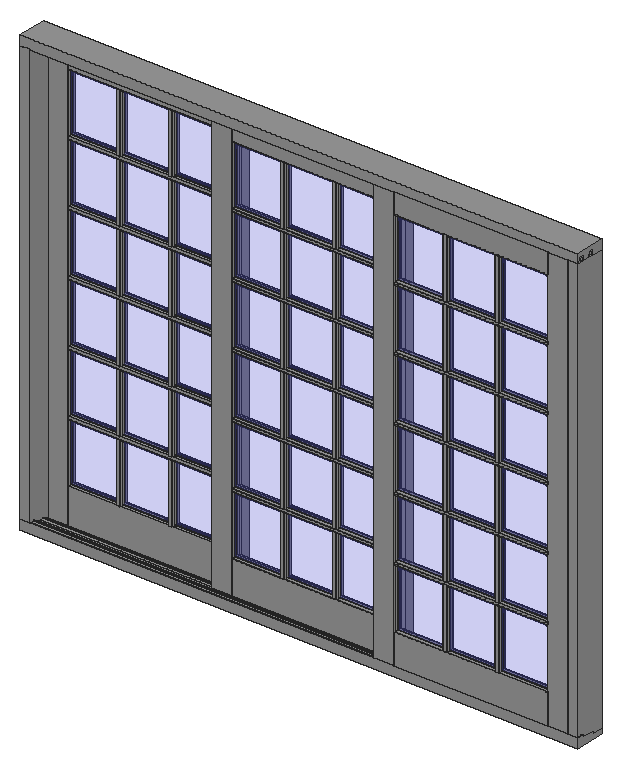
Revit family "VSD2.6SPTS LH", category Doors, host Wall, Revit 2015
Parameters (values of type "VSD2.6SPTS LH")
  Function = Interior
  Frame Projection Ext. = 25 mm
  Frame Projection Int. = 25 mm
  Frame Width = 75 mm
  Height = 2100 mm
  Wall Closure = By host
  Width = 2640 mm
Reference planes
  plane 1: y = 0
  plane 2 "Center (Left/Right)": x = 0
  plane 3 "Left": x = -1320
  plane 4 "Right": x = 1320
  plane 5: z = 2100
  plane 6 "Exterior": y = 75
  plane 7 "Interior": y = -75
  plane 8: x = 1275
  plane 9: x = 1170
  plane 10: x = -1275
  plane 11: x = -1170
  plane 12: x = 460
  plane 13: x = 355
  plane 14: x = -460
  plane 15: x = -355
  plane 16: x = -355
  plane 17: x = -460
  plane 18: x = -2905
  plane 19: x = -2800
  plane 20: x = -1170
  plane 21: x = -1275
  plane 22: x = -2090
  plane 23: x = -1985
  plane 24: x = 460
  plane 25: x = 355
  plane 26: x = -2090
  plane 27: x = -1985
  plane 28: x = -355
  plane 29: x = -460
  plane 30: x = -1275
  plane 31: x = -1170
Forms (mm)
  Extrusion 1, solid, material "Lauan, Meranti"
    sketch origin (0, 79.18, -119.746) x (0, 1, 0) y (0, 0, -1)
      loop
        line (-149.18, -119.746) -> (-149.18, -164.746) -> (-141.18, -164.746) -> (-141.18, -163.746) -> (-117.18, -163.746) -> (-117.18, -152.746) -> (-85.18, -152.746) -> (-85.18, -151.746) -> (-61.18, -151.746) -> (-61.18, -140.746) -> (-9.18, -140.746) -> (-9.18, -119.746) -> (-149.18, -119.746)
    from -1320 to 1320
  Extrusion 2, solid, material "Lauan, Meranti"
    sketch origin (0, 0, 0) x (0, 1, 0) y (0, 0, -1)
      loop
        line (70, -2100) -> (70, -2055) -> (17, -2055) -> (17, -2075) -> (-5, -2075) -> (-5, -2055) -> (-39, -2055) -> (-39, -2075) -> (-61, -2075) -> (-61, -2055) -> (-70, -2055) -> (-70, -2100) -> (70, -2100)
    from -1320 to 1320
  Extrusion 3, solid, material "Lauan, Meranti"
    sketch origin (0, 0, 0) x (-1, 0, 0) y (0, -1, 0)
      loop
        line (-1320, -70) -> (-1277, -70) -> (-1277, -50) -> (-1275, -50) -> (-1275, 70) -> (-1320, 70) -> (-1320, -70)
      loop
        line (1320, -70) -> (1320, 70) -> (1275, 70) -> (1275, -50) -> (1277, -50) -> (1277, -70) -> (1320, -70)
    from 45 to 2055
  Extrusion 4, solid, material "Lauan, Meranti"
    sketch origin (0, 0, 0) x (-1, 0, 0) y (0, -1, 0)
      loop
        line (-1275, -50) -> (-1275, 38) -> (-1320, 38) -> (-1320, -70) -> (-1277, -70) -> (-1277, -50) -> (-1275, -50)
      loop
        line (1275, -50) -> (1277, -50) -> (1277, -70) -> (1320, -70) -> (1320, 38) -> (1275, 38) -> (1275, -50)
    from 33 to 45
  Extrusion 5, solid, material "Steel, Chrome Plated"
    sketch origin (0, 0, 0) x (0, 1, 0) y (0, 0, -1)
      loop
        line (-38, -45) -> (-38, -44) -> (-62, -44) -> (-62, -45) -> (-51, -45) -> (-51, -46.882)
        arc (-51, -46.882) -> (-50, -49.5) -> (-49, -46.882) r 1.5
        line (-49, -46.882) -> (-49, -45) -> (-38, -45)
    from -1320 to 1320
  Extrusion 6, solid, material "Lauan, Meranti"
    sketch origin (0, 0, 0) x (-1, 0, 0) y (0, -1, 0)
      loop
        line (-1320, -70) -> (-1277, -70) -> (-1277, -50) -> (-1275, -50) -> (-1275, -18) -> (-1320, -18) -> (-1320, -70)
      loop
        line (1320, -70) -> (1320, -18) -> (1275, -18) -> (1275, -50) -> (1277, -50) -> (1277, -70) -> (1320, -70)
    from 21 to 33
  Extrusion 7, solid, material "Steel, Chrome Plated"
    sketch origin (0, 56, -12) x (0, 1, 0) y (0, 0, -1)
      loop
        line (-38, -45) -> (-38, -44) -> (-62, -44) -> (-62, -45) -> (-51, -45) -> (-51, -46.882)
        arc (-51, -46.882) -> (-50, -49.5) -> (-49, -46.882) r 1.5
        line (-49, -46.882) -> (-49, -45) -> (-38, -45)
    from -460 to 1320
  Extrusion 8, solid, material "Lauan, Meranti"
    sketch origin (0, 0, 0) x (-1, 0, 0) y (0, -1, 0)
      loop
        line (-1179, 70) -> (-1275, 70) -> (-1275, 30) -> (-1179, 30) -> (-1179, 60) -> (-1170, 60) -> (-1170, 62) -> (-1172, 62)
        arc (-1172, 62) -> (-1174.265, 66.44) -> (-1179, 68) r 6.549
        line (-1179, 68) -> (-1179, 70)
      loop
        line (-451, 70) -> (-451, 68)
        arc (-451, 68) -> (-455.735, 66.44) -> (-458, 62) r 6.549
        line (-458, 62) -> (-460, 62) -> (-460, 60) -> (-451, 60) -> (-451, 30) -> (-355, 30) -> (-355, 70) -> (-451, 70)
    from 45 to 2055
  Extrusion 9, solid, material "Lauan, Meranti"
    sketch origin (-1630, 104, 0) x (-1, 0, 0) y (0, -1, 0)
      loop
        line (-1179, 70) -> (-1275, 70) -> (-1275, 30) -> (-1179, 30) -> (-1179, 60) -> (-1170, 60) -> (-1170, 62) -> (-1172, 62)
        arc (-1172, 62) -> (-1174.265, 66.44) -> (-1179, 68) r 6.549
        line (-1179, 68) -> (-1179, 70)
      loop
        line (-451, 70) -> (-451, 68)
        arc (-451, 68) -> (-455.735, 66.44) -> (-458, 62) r 6.549
        line (-458, 62) -> (-460, 62) -> (-460, 60) -> (-451, 60) -> (-451, 30) -> (-355, 30) -> (-355, 70) -> (-451, 70)
    from 21 to 2055
  Extrusion 10, solid, material "Lauan, Meranti"
    sketch origin (-815, 56, 0) x (-1, 0, 0) y (0, -1, 0)
      loop
        line (-1179, 70) -> (-1275, 70) -> (-1275, 30) -> (-1179, 30) -> (-1179, 60) -> (-1170, 60) -> (-1170, 62) -> (-1172, 62)
        arc (-1172, 62) -> (-1174.265, 66.44) -> (-1179, 68) r 6.549
        line (-1179, 68) -> (-1179, 70)
      loop
        line (-451, 70) -> (-451, 68)
        arc (-451, 68) -> (-455.735, 66.44) -> (-458, 62) r 6.549
        line (-458, 62) -> (-460, 62) -> (-460, 60) -> (-451, 60) -> (-451, 30) -> (-355, 30) -> (-355, 70) -> (-451, 70)
    from 33 to 2055
  Extrusion 11, solid, material "Steel, Chrome Plated"
    sketch origin (0, 0, 0) x (0, 1, 0) y (0, 0, -1)
      loop
        line (16.5, -2075) -> (16.5, -2055) -> (14.3, -2055) -> (14.3, -2072.8) -> (-2.3, -2072.8) -> (-2.3, -2055) -> (-4.5, -2055) -> (-4.5, -2075) -> (16.5, -2075)
    from -1320 to 1320
  Extrusion 12, solid, material "Steel, Chrome Plated"
    sketch origin (0, -56, 0) x (0, 1, 0) y (0, 0, -1)
      loop
        line (16.5, -2075) -> (16.5, -2055) -> (14.3, -2055) -> (14.3, -2072.8) -> (-2.3, -2072.8) -> (-2.3, -2055) -> (-4.5, -2055) -> (-4.5, -2075) -> (16.5, -2075)
    from -1320 to 1320
  Extrusion 13, solid, material "Lauan, Meranti"
    sketch origin (-1430, 49.5, 0) x (0, 1, 0) y (0, 0, -1)
      loop
        line (-15.5, -190) -> (-13.5, -190)
        arc (-13.5, -190) -> (-11.866, -194.67) -> (-7.5, -197) r 6.807
        line (-7.5, -197) -> (-7.5, -199) -> (-5.5, -199) -> (-5.5, -190) -> (24.5, -190) -> (24.5, -21) -> (-15.5, -21) -> (-15.5, -190)
      loop
        arc (-7.5, -1952) -> (-11.866, -1954.33) -> (-13.5, -1959) r 6.807
        line (-13.5, -1959) -> (-15.5, -1959) -> (-15.5, -2055) -> (24.5, -2055) -> (24.5, -1959) -> (-5.5, -1959) -> (-5.5, -1950) -> (-7.5, -1950) -> (-7.5, -1952)
      loop
        line (-15.5, -1675) -> (-13.5, -1675)
        arc (-13.5, -1675) -> (-11.866, -1679.67) -> (-7.5, -1682) r 6.807
        line (-7.5, -1682) -> (-7.5, -1684) -> (-5.5, -1684) -> (-5.5, -1675) -> (24.5, -1675) -> (24.5, -1662) -> (-5.5, -1662) -> (-5.5, -1653) -> (-7.5, -1653) -> (-7.5, -1655)
        arc (-7.5, -1655) -> (-11.866, -1657.33) -> (-13.5, -1662) r 6.807
        line (-13.5, -1662) -> (-15.5, -1662) -> (-15.5, -1675)
      loop
        line (-15.5, -1378) -> (-13.5, -1378)
        arc (-13.5, -1378) -> (-11.866, -1382.67) -> (-7.5, -1385) r 6.807
        line (-7.5, -1385) -> (-7.5, -1387) -> (-5.5, -1387) -> (-5.5, -1378) -> (24.5, -1378) -> (24.5, -1365) -> (-5.5, -1365) -> (-5.5, -1356) -> (-7.5, -1356) -> (-7.5, -1358)
        arc (-7.5, -1358) -> (-11.866, -1360.33) -> (-13.5, -1365) r 6.807
        line (-13.5, -1365) -> (-15.5, -1365) -> (-15.5, -1378)
      loop
        line (-15.5, -1081) -> (-13.5, -1081)
        arc (-13.5, -1081) -> (-11.866, -1085.67) -> (-7.5, -1088) r 6.807
        line (-7.5, -1088) -> (-7.5, -1090) -> (-5.5, -1090) -> (-5.5, -1081) -> (24.5, -1081) -> (24.5, -1068) -> (-5.5, -1068) -> (-5.5, -1059) -> (-7.5, -1059) -> (-7.5, -1061)
        arc (-7.5, -1061) -> (-11.866, -1063.33) -> (-13.5, -1068) r 6.807
        line (-13.5, -1068) -> (-15.5, -1068) -> (-15.5, -1081)
      loop
        line (-15.5, -784) -> (-13.5, -784)
        arc (-13.5, -784) -> (-11.866, -788.67) -> (-7.5, -791) r 6.807
        line (-7.5, -791) -> (-7.5, -793) -> (-5.5, -793) -> (-5.5, -784) -> (24.5, -784) -> (24.5, -771) -> (-5.5, -771) -> (-5.5, -762) -> (-7.5, -762) -> (-7.5, -764)
        arc (-7.5, -764) -> (-11.866, -766.33) -> (-13.5, -771) r 6.807
        line (-13.5, -771) -> (-15.5, -771) -> (-15.5, -784)
      loop
        line (-15.5, -487) -> (-13.5, -487)
        arc (-13.5, -487) -> (-11.866, -491.67) -> (-7.5, -494) r 6.807
        line (-7.5, -494) -> (-7.5, -496) -> (-5.5, -496) -> (-5.5, -487) -> (24.5, -487) -> (24.5, -474) -> (-5.5, -474) -> (-5.5, -465) -> (-7.5, -465) -> (-7.5, -467)
        arc (-7.5, -467) -> (-11.866, -469.33) -> (-13.5, -474) r 6.807
        line (-13.5, -474) -> (-15.5, -474) -> (-15.5, -487)
    from -979 to -251
  Sweep 14, solid, material "Lauan, Meranti"
    path origin (-665.605, -72, -781.763) x (-1, 0, 0) y (0, 0, -1)
      loop
        line (279.395, -2740.763) -> (513.395, -2740.763) -> (513.395, -2456.763) -> (279.395, -2456.763) -> (279.395, -2740.763)
    profile origin (-1062, -72, 1959) x (0, 0, -1) y (0, -1, 0)
      loop
        line (9, -124.5) -> (0, -124.5) -> (0, -132.5)
        arc (0, -132.5) -> (4.67, -130.866) -> (7, -126.5) r 6.807
        line (7, -126.5) -> (9, -126.5) -> (9, -124.5)
  Extrusion 15, solid, material "Glass"
    sketch origin (-938.125, -61.05, -73.649) x (-1, 0, 0) y (0, 0, -1)
      loop
        line (240.875, -2032.649) -> (240.875, -1748.649) -> (6.875, -1748.649) -> (6.875, -2032.649) -> (240.875, -2032.649)
      loop
        line (-6.125, -2032.649) -> (-6.125, -1748.649) -> (-240.125, -1748.649) -> (-240.125, -2032.649) -> (-6.125, -2032.649)
      loop
        line (-253.125, -2032.649) -> (-253.125, -1748.649) -> (-487.125, -1748.649) -> (-487.125, -2032.649) -> (-253.125, -2032.649)
      loop
        line (240.875, -1735.649) -> (240.875, -1451.661) -> (6.885, -1451.661) -> (6.885, -1735.649) -> (240.875, -1735.649)
      loop
        line (-6.125, -1735.649) -> (-6.125, -1451.661) -> (-240.115, -1451.661) -> (-240.115, -1735.649) -> (-6.125, -1735.649)
      loop
        line (-253.125, -1735.649) -> (-253.125, -1451.661) -> (-487.115, -1451.661) -> (-487.115, -1735.649) -> (-253.125, -1735.649)
      loop
        line (240.875, -1438.649) -> (240.875, -1154.649) -> (6.875, -1154.649) -> (6.875, -1438.649) -> (240.875, -1438.649)
      loop
        line (-6.125, -1438.649) -> (-6.125, -1154.649) -> (-240.125, -1154.649) -> (-240.125, -1438.649) -> (-6.125, -1438.649)
      loop
        line (-253.125, -1438.649) -> (-253.125, -1154.649) -> (-487.125, -1154.649) -> (-487.125, -1438.649) -> (-253.125, -1438.649)
      loop
        line (240.875, -1141.649) -> (240.875, -857.661) -> (6.885, -857.661) -> (6.885, -1141.649) -> (240.875, -1141.649)
      loop
        line (-6.125, -1141.649) -> (-6.125, -857.661) -> (-240.115, -857.661) -> (-240.115, -1141.649) -> (-6.125, -1141.649)
      loop
        line (-253.125, -1141.649) -> (-253.125, -857.661) -> (-487.115, -857.661) -> (-487.115, -1141.649) -> (-253.125, -1141.649)
      loop
        line (240.875, -844.649) -> (240.875, -560.649) -> (6.875, -560.649) -> (6.875, -844.649) -> (240.875, -844.649)
      loop
        line (-6.125, -844.649) -> (-6.125, -560.649) -> (-240.125, -560.649) -> (-240.125, -844.649) -> (-6.125, -844.649)
      loop
        line (-253.125, -844.649) -> (-253.125, -560.649) -> (-487.125, -560.649) -> (-487.125, -844.649) -> (-253.125, -844.649)
      loop
        line (240.875, -547.649) -> (240.875, -263.661) -> (6.885, -263.661) -> (6.885, -547.649) -> (240.875, -547.649)
      loop
        line (-6.125, -547.649) -> (-6.125, -263.661) -> (-240.115, -263.661) -> (-240.115, -547.649) -> (-6.125, -547.649)
      loop
        line (-253.125, -547.649) -> (-253.125, -263.661) -> (-487.115, -263.661) -> (-487.115, -547.649) -> (-253.125, -547.649)
    from -112.5 to -106.1
  Extrusion 16, solid, material "Lauan, Meranti"
    sketch origin (-410, 3, 0) x (-1, 0, 0) y (0, -1, 0)
      loop
        line (522, -31) -> (522, -33)
        arc (522, -33) -> (517.33, -34.634) -> (515, -39) r 6.807
        line (515, -39) -> (513, -39) -> (513, -41) -> (522, -41) -> (522, -71) -> (535, -71) -> (535, -41) -> (544, -41) -> (544, -39) -> (542, -39)
        arc (542, -39) -> (539.67, -34.634) -> (535, -33) r 6.807
        line (535, -33) -> (535, -31) -> (522, -31)
      loop
        line (275, -31) -> (275, -33)
        arc (275, -33) -> (270.33, -34.634) -> (268, -39) r 6.807
        line (268, -39) -> (266, -39) -> (266, -41) -> (275, -41) -> (275, -71) -> (288, -71) -> (288, -41) -> (297, -41) -> (297, -39) -> (295, -39)
        arc (295, -39) -> (292.67, -34.634) -> (288, -33) r 6.807
        line (288, -33) -> (288, -31) -> (275, -31)
    from 1675 to 1959
  Sweep 17, solid, material "Lauan, Meranti"
    path origin (-418.605, -72, -781.763) x (-1, 0, 0) y (0, 0, -1)
      loop
        line (279.395, -2740.763) -> (513.395, -2740.763) -> (513.395, -2456.763) -> (279.395, -2456.763) -> (279.395, -2740.763)
    profile origin (-815, -72, 1959) x (0, 0, -1) y (0, -1, 0)
      loop
        line (9, -124.5) -> (0, -124.5) -> (0, -132.5)
        arc (0, -132.5) -> (4.67, -130.866) -> (7, -126.5) r 6.807
        line (7, -126.5) -> (9, -126.5) -> (9, -124.5)
  Sweep 18, solid, material "Lauan, Meranti"
    path origin (-171.605, -72, -781.763) x (-1, 0, 0) y (0, 0, -1)
      loop
        line (279.395, -2740.763) -> (513.395, -2740.763) -> (513.395, -2456.763) -> (279.395, -2456.763) -> (279.395, -2740.763)
    profile origin (-568, -72, 1959) x (0, 0, -1) y (0, -1, 0)
      loop
        line (9, -124.5) -> (0, -124.5) -> (0, -132.5)
        arc (0, -132.5) -> (4.67, -130.866) -> (7, -126.5) r 6.807
        line (7, -126.5) -> (9, -126.5) -> (9, -124.5)
  Sweep 19, solid, material "Lauan, Meranti"
    path origin (-665.605, -72, -1078.763) x (-1, 0, 0) y (0, 0, -1)
      loop
        line (279.395, -2740.763) -> (513.395, -2740.763) -> (513.395, -2456.763) -> (279.395, -2456.763) -> (279.395, -2740.763)
    profile origin (-1062, -72, 1662) x (0, 0, -1) y (0, -1, 0)
      loop
        line (9, -124.5) -> (0, -124.5) -> (0, -132.5)
        arc (0, -132.5) -> (4.67, -130.866) -> (7, -126.5) r 6.807
        line (7, -126.5) -> (9, -126.5) -> (9, -124.5)
  Extrusion 20, solid, material "Lauan, Meranti"
    sketch origin (-410, 3, -297) x (-1, 0, 0) y (0, -1, 0)
      loop
        line (522, -31) -> (522, -33)
        arc (522, -33) -> (517.33, -34.634) -> (515, -39) r 6.807
        line (515, -39) -> (513, -39) -> (513, -41) -> (522, -41) -> (522, -71) -> (535, -71) -> (535, -41) -> (544, -41) -> (544, -39) -> (542, -39)
        arc (542, -39) -> (539.67, -34.634) -> (535, -33) r 6.807
        line (535, -33) -> (535, -31) -> (522, -31)
      loop
        line (275, -31) -> (275, -33)
        arc (275, -33) -> (270.33, -34.634) -> (268, -39) r 6.807
        line (268, -39) -> (266, -39) -> (266, -41) -> (275, -41) -> (275, -71) -> (288, -71) -> (288, -41) -> (297, -41) -> (297, -39) -> (295, -39)
        arc (295, -39) -> (292.67, -34.634) -> (288, -33) r 6.807
        line (288, -33) -> (288, -31) -> (275, -31)
    from 1675 to 1959
  Sweep 21, solid, material "Lauan, Meranti"
    path origin (-418.605, -72, -1078.763) x (-1, 0, 0) y (0, 0, -1)
      loop
        line (279.395, -2740.763) -> (513.395, -2740.763) -> (513.395, -2456.763) -> (279.395, -2456.763) -> (279.395, -2740.763)
    profile origin (-815, -72, 1662) x (0, 0, -1) y (0, -1, 0)
      loop
        line (9, -124.5) -> (0, -124.5) -> (0, -132.5)
        arc (0, -132.5) -> (4.67, -130.866) -> (7, -126.5) r 6.807
        line (7, -126.5) -> (9, -126.5) -> (9, -124.5)
  Sweep 22, solid, material "Lauan, Meranti"
    path origin (-171.605, -72, -1078.763) x (-1, 0, 0) y (0, 0, -1)
      loop
        line (279.395, -2740.763) -> (513.395, -2740.763) -> (513.395, -2456.763) -> (279.395, -2456.763) -> (279.395, -2740.763)
    profile origin (-568, -72, 1662) x (0, 0, -1) y (0, -1, 0)
      loop
        line (9, -124.5) -> (0, -124.5) -> (0, -132.5)
        arc (0, -132.5) -> (4.67, -130.866) -> (7, -126.5) r 6.807
        line (7, -126.5) -> (9, -126.5) -> (9, -124.5)
  Sweep 23, solid, material "Lauan, Meranti"
    path origin (-665.605, -72, -1375.763) x (-1, 0, 0) y (0, 0, -1)
      loop
        line (279.395, -2740.763) -> (513.395, -2740.763) -> (513.395, -2456.763) -> (279.395, -2456.763) -> (279.395, -2740.763)
    profile origin (-1062, -72, 1365) x (0, 0, -1) y (0, -1, 0)
      loop
        line (9, -124.5) -> (0, -124.5) -> (0, -132.5)
        arc (0, -132.5) -> (4.67, -130.866) -> (7, -126.5) r 6.807
        line (7, -126.5) -> (9, -126.5) -> (9, -124.5)
  Extrusion 24, solid, material "Lauan, Meranti"
    sketch origin (-410, 3, -594) x (-1, 0, 0) y (0, -1, 0)
      loop
        line (522, -31) -> (522, -33)
        arc (522, -33) -> (517.33, -34.634) -> (515, -39) r 6.807
        line (515, -39) -> (513, -39) -> (513, -41) -> (522, -41) -> (522, -71) -> (535, -71) -> (535, -41) -> (544, -41) -> (544, -39) -> (542, -39)
        arc (542, -39) -> (539.67, -34.634) -> (535, -33) r 6.807
        line (535, -33) -> (535, -31) -> (522, -31)
      loop
        line (275, -31) -> (275, -33)
        arc (275, -33) -> (270.33, -34.634) -> (268, -39) r 6.807
        line (268, -39) -> (266, -39) -> (266, -41) -> (275, -41) -> (275, -71) -> (288, -71) -> (288, -41) -> (297, -41) -> (297, -39) -> (295, -39)
        arc (295, -39) -> (292.67, -34.634) -> (288, -33) r 6.807
        line (288, -33) -> (288, -31) -> (275, -31)
    from 1675 to 1959
  Sweep 25, solid, material "Lauan, Meranti"
    path origin (-418.605, -72, -1375.763) x (-1, 0, 0) y (0, 0, -1)
      loop
        line (279.395, -2740.763) -> (513.395, -2740.763) -> (513.395, -2456.763) -> (279.395, -2456.763) -> (279.395, -2740.763)
    profile origin (-815, -72, 1365) x (0, 0, -1) y (0, -1, 0)
      loop
        line (9, -124.5) -> (0, -124.5) -> (0, -132.5)
        arc (0, -132.5) -> (4.67, -130.866) -> (7, -126.5) r 6.807
        line (7, -126.5) -> (9, -126.5) -> (9, -124.5)
  Sweep 26, solid, material "Lauan, Meranti"
    path origin (-171.605, -72, -1375.763) x (-1, 0, 0) y (0, 0, -1)
      loop
        line (279.395, -2740.763) -> (513.395, -2740.763) -> (513.395, -2456.763) -> (279.395, -2456.763) -> (279.395, -2740.763)
    profile origin (-568, -72, 1365) x (0, 0, -1) y (0, -1, 0)
      loop
        line (9, -124.5) -> (0, -124.5) -> (0, -132.5)
        arc (0, -132.5) -> (4.67, -130.866) -> (7, -126.5) r 6.807
        line (7, -126.5) -> (9, -126.5) -> (9, -124.5)
  Sweep 27, solid, material "Lauan, Meranti"
    path origin (-665.605, -72, -1672.763) x (-1, 0, 0) y (0, 0, -1)
      loop
        line (279.395, -2740.763) -> (513.395, -2740.763) -> (513.395, -2456.763) -> (279.395, -2456.763) -> (279.395, -2740.763)
    profile origin (-1062, -72, 1068) x (0, 0, -1) y (0, -1, 0)
      loop
        line (9, -124.5) -> (0, -124.5) -> (0, -132.5)
        arc (0, -132.5) -> (4.67, -130.866) -> (7, -126.5) r 6.807
        line (7, -126.5) -> (9, -126.5) -> (9, -124.5)
  Extrusion 28, solid, material "Lauan, Meranti"
    sketch origin (-410, 3, -891) x (-1, 0, 0) y (0, -1, 0)
      loop
        line (522, -31) -> (522, -33)
        arc (522, -33) -> (517.33, -34.634) -> (515, -39) r 6.807
        line (515, -39) -> (513, -39) -> (513, -41) -> (522, -41) -> (522, -71) -> (535, -71) -> (535, -41) -> (544, -41) -> (544, -39) -> (542, -39)
        arc (542, -39) -> (539.67, -34.634) -> (535, -33) r 6.807
        line (535, -33) -> (535, -31) -> (522, -31)
      loop
        line (275, -31) -> (275, -33)
        arc (275, -33) -> (270.33, -34.634) -> (268, -39) r 6.807
        line (268, -39) -> (266, -39) -> (266, -41) -> (275, -41) -> (275, -71) -> (288, -71) -> (288, -41) -> (297, -41) -> (297, -39) -> (295, -39)
        arc (295, -39) -> (292.67, -34.634) -> (288, -33) r 6.807
        line (288, -33) -> (288, -31) -> (275, -31)
    from 1675 to 1959
  Sweep 29, solid, material "Lauan, Meranti"
    path origin (-418.605, -72, -1672.763) x (-1, 0, 0) y (0, 0, -1)
      loop
        line (279.395, -2740.763) -> (513.395, -2740.763) -> (513.395, -2456.763) -> (279.395, -2456.763) -> (279.395, -2740.763)
    profile origin (-815, -72, 1068) x (0, 0, -1) y (0, -1, 0)
      loop
        line (9, -124.5) -> (0, -124.5) -> (0, -132.5)
        arc (0, -132.5) -> (4.67, -130.866) -> (7, -126.5) r 6.807
        line (7, -126.5) -> (9, -126.5) -> (9, -124.5)
  Sweep 30, solid, material "Lauan, Meranti"
    path origin (-171.605, -72, -1672.763) x (-1, 0, 0) y (0, 0, -1)
      loop
        line (279.395, -2740.763) -> (513.395, -2740.763) -> (513.395, -2456.763) -> (279.395, -2456.763) -> (279.395, -2740.763)
    profile origin (-568, -72, 1068) x (0, 0, -1) y (0, -1, 0)
      loop
        line (9, -124.5) -> (0, -124.5) -> (0, -132.5)
        arc (0, -132.5) -> (4.67, -130.866) -> (7, -126.5) r 6.807
        line (7, -126.5) -> (9, -126.5) -> (9, -124.5)
  Sweep 31, solid, material "Lauan, Meranti"
    path origin (-665.605, -72, -1969.763) x (-1, 0, 0) y (0, 0, -1)
      loop
        line (279.395, -2740.763) -> (513.395, -2740.763) -> (513.395, -2456.763) -> (279.395, -2456.763) -> (279.395, -2740.763)
    profile origin (-1062, -72, 771) x (0, 0, -1) y (0, -1, 0)
      loop
        line (9, -124.5) -> (0, -124.5) -> (0, -132.5)
        arc (0, -132.5) -> (4.67, -130.866) -> (7, -126.5) r 6.807
        line (7, -126.5) -> (9, -126.5) -> (9, -124.5)
  Extrusion 32, solid, material "Lauan, Meranti"
    sketch origin (-410, 3, -1188) x (-1, 0, 0) y (0, -1, 0)
      loop
        line (522, -31) -> (522, -33)
        arc (522, -33) -> (517.33, -34.634) -> (515, -39) r 6.807
        line (515, -39) -> (513, -39) -> (513, -41) -> (522, -41) -> (522, -71) -> (535, -71) -> (535, -41) -> (544, -41) -> (544, -39) -> (542, -39)
        arc (542, -39) -> (539.67, -34.634) -> (535, -33) r 6.807
        line (535, -33) -> (535, -31) -> (522, -31)
      loop
        line (275, -31) -> (275, -33)
        arc (275, -33) -> (270.33, -34.634) -> (268, -39) r 6.807
        line (268, -39) -> (266, -39) -> (266, -41) -> (275, -41) -> (275, -71) -> (288, -71) -> (288, -41) -> (297, -41) -> (297, -39) -> (295, -39)
        arc (295, -39) -> (292.67, -34.634) -> (288, -33) r 6.807
        line (288, -33) -> (288, -31) -> (275, -31)
    from 1675 to 1959
  Sweep 33, solid, material "Lauan, Meranti"
    path origin (-418.605, -72, -1969.763) x (-1, 0, 0) y (0, 0, -1)
      loop
        line (279.395, -2740.763) -> (513.395, -2740.763) -> (513.395, -2456.763) -> (279.395, -2456.763) -> (279.395, -2740.763)
    profile origin (-815, -72, 771) x (0, 0, -1) y (0, -1, 0)
      loop
        line (9, -124.5) -> (0, -124.5) -> (0, -132.5)
        arc (0, -132.5) -> (4.67, -130.866) -> (7, -126.5) r 6.807
        line (7, -126.5) -> (9, -126.5) -> (9, -124.5)
  Sweep 34, solid, material "Lauan, Meranti"
    path origin (-171.605, -72, -1969.763) x (-1, 0, 0) y (0, 0, -1)
      loop
        line (279.395, -2740.763) -> (513.395, -2740.763) -> (513.395, -2456.763) -> (279.395, -2456.763) -> (279.395, -2740.763)
    profile origin (-568, -72, 771) x (0, 0, -1) y (0, -1, 0)
      loop
        line (9, -124.5) -> (0, -124.5) -> (0, -132.5)
        arc (0, -132.5) -> (4.67, -130.866) -> (7, -126.5) r 6.807
        line (7, -126.5) -> (9, -126.5) -> (9, -124.5)
  Sweep 35, solid, material "Lauan, Meranti"
    path origin (-665.605, -72, -2266.763) x (-1, 0, 0) y (0, 0, -1)
      loop
        line (279.395, -2740.763) -> (513.395, -2740.763) -> (513.395, -2456.763) -> (279.395, -2456.763) -> (279.395, -2740.763)
    profile origin (-1062, -72, 474) x (0, 0, -1) y (0, -1, 0)
      loop
        line (9, -124.5) -> (0, -124.5) -> (0, -132.5)
        arc (0, -132.5) -> (4.67, -130.866) -> (7, -126.5) r 6.807
        line (7, -126.5) -> (9, -126.5) -> (9, -124.5)
  Extrusion 36, solid, material "Lauan, Meranti"
    sketch origin (-410, 3, -1485) x (-1, 0, 0) y (0, -1, 0)
      loop
        line (522, -31) -> (522, -33)
        arc (522, -33) -> (517.33, -34.634) -> (515, -39) r 6.807
        line (515, -39) -> (513, -39) -> (513, -41) -> (522, -41) -> (522, -71) -> (535, -71) -> (535, -41) -> (544, -41) -> (544, -39) -> (542, -39)
        arc (542, -39) -> (539.67, -34.634) -> (535, -33) r 6.807
        line (535, -33) -> (535, -31) -> (522, -31)
      loop
        line (275, -31) -> (275, -33)
        arc (275, -33) -> (270.33, -34.634) -> (268, -39) r 6.807
        line (268, -39) -> (266, -39) -> (266, -41) -> (275, -41) -> (275, -71) -> (288, -71) -> (288, -41) -> (297, -41) -> (297, -39) -> (295, -39)
        arc (295, -39) -> (292.67, -34.634) -> (288, -33) r 6.807
        line (288, -33) -> (288, -31) -> (275, -31)
    from 1675 to 1959
  Sweep 37, solid, material "Lauan, Meranti"
    path origin (-418.605, -72, -2266.763) x (-1, 0, 0) y (0, 0, -1)
      loop
        line (279.395, -2740.763) -> (513.395, -2740.763) -> (513.395, -2456.763) -> (279.395, -2456.763) -> (279.395, -2740.763)
    profile origin (-815, -72, 474) x (0, 0, -1) y (0, -1, 0)
      loop
        line (9, -124.5) -> (0, -124.5) -> (0, -132.5)
        arc (0, -132.5) -> (4.67, -130.866) -> (7, -126.5) r 6.807
        line (7, -126.5) -> (9, -126.5) -> (9, -124.5)
  Sweep 38, solid, material "Lauan, Meranti"
    path origin (-171.605, -72, -2266.763) x (-1, 0, 0) y (0, 0, -1)
      loop
        line (279.395, -2740.763) -> (513.395, -2740.763) -> (513.395, -2456.763) -> (279.395, -2456.763) -> (279.395, -2740.763)
    profile origin (-568, -72, 474) x (0, 0, -1) y (0, -1, 0)
      loop
        line (9, -124.5) -> (0, -124.5) -> (0, -132.5)
        arc (0, -132.5) -> (4.67, -130.866) -> (7, -126.5) r 6.807
        line (7, -126.5) -> (9, -126.5) -> (9, -124.5)
  Extrusion 39, solid, material "Lauan, Meranti"
    sketch origin (200, -54.5, 0) x (0, 1, 0) y (0, 0, -1)
      loop
        line (-15.5, -190) -> (-13.5, -190)
        arc (-13.5, -190) -> (-11.866, -194.67) -> (-7.5, -197) r 6.807
        line (-7.5, -197) -> (-7.5, -199) -> (-5.5, -199) -> (-5.5, -190) -> (24.5, -190) -> (24.5, -45) -> (-15.5, -45) -> (-15.5, -190)
      loop
        arc (-7.5, -1952) -> (-11.866, -1954.33) -> (-13.5, -1959) r 6.807
        line (-13.5, -1959) -> (-15.5, -1959) -> (-15.5, -2055) -> (24.5, -2055) -> (24.5, -1959) -> (-5.5, -1959) -> (-5.5, -1950) -> (-7.5, -1950) -> (-7.5, -1952)
      loop
        line (-15.5, -1675) -> (-13.5, -1675)
        arc (-13.5, -1675) -> (-11.866, -1679.67) -> (-7.5, -1682) r 6.807
        line (-7.5, -1682) -> (-7.5, -1684) -> (-5.5, -1684) -> (-5.5, -1675) -> (24.5, -1675) -> (24.5, -1662) -> (-5.5, -1662) -> (-5.5, -1653) -> (-7.5, -1653) -> (-7.5, -1655)
        arc (-7.5, -1655) -> (-11.866, -1657.33) -> (-13.5, -1662) r 6.807
        line (-13.5, -1662) -> (-15.5, -1662) -> (-15.5, -1675)
      loop
        line (-15.5, -1378) -> (-13.5, -1378)
        arc (-13.5, -1378) -> (-11.866, -1382.67) -> (-7.5, -1385) r 6.807
        line (-7.5, -1385) -> (-7.5, -1387) -> (-5.5, -1387) -> (-5.5, -1378) -> (24.5, -1378) -> (24.5, -1365) -> (-5.5, -1365) -> (-5.5, -1356) -> (-7.5, -1356) -> (-7.5, -1358)
        arc (-7.5, -1358) -> (-11.866, -1360.33) -> (-13.5, -1365) r 6.807
        line (-13.5, -1365) -> (-15.5, -1365) -> (-15.5, -1378)
      loop
        line (-15.5, -1081) -> (-13.5, -1081)
        arc (-13.5, -1081) -> (-11.866, -1085.67) -> (-7.5, -1088) r 6.807
        line (-7.5, -1088) -> (-7.5, -1090) -> (-5.5, -1090) -> (-5.5, -1081) -> (24.5, -1081) -> (24.5, -1068) -> (-5.5, -1068) -> (-5.5, -1059) -> (-7.5, -1059) -> (-7.5, -1061)
        arc (-7.5, -1061) -> (-11.866, -1063.33) -> (-13.5, -1068) r 6.807
        line (-13.5, -1068) -> (-15.5, -1068) -> (-15.5, -1081)
      loop
        line (-15.5, -784) -> (-13.5, -784)
        arc (-13.5, -784) -> (-11.866, -788.67) -> (-7.5, -791) r 6.807
        line (-7.5, -791) -> (-7.5, -793) -> (-5.5, -793) -> (-5.5, -784) -> (24.5, -784) -> (24.5, -771) -> (-5.5, -771) -> (-5.5, -762) -> (-7.5, -762) -> (-7.5, -764)
        arc (-7.5, -764) -> (-11.866, -766.33) -> (-13.5, -771) r 6.807
        line (-13.5, -771) -> (-15.5, -771) -> (-15.5, -784)
      loop
        line (-15.5, -487) -> (-13.5, -487)
        arc (-13.5, -487) -> (-11.866, -491.67) -> (-7.5, -494) r 6.807
        line (-7.5, -494) -> (-7.5, -496) -> (-5.5, -496) -> (-5.5, -487) -> (24.5, -487) -> (24.5, -474) -> (-5.5, -474) -> (-5.5, -465) -> (-7.5, -465) -> (-7.5, -467)
        arc (-7.5, -467) -> (-11.866, -469.33) -> (-13.5, -474) r 6.807
        line (-13.5, -474) -> (-15.5, -474) -> (-15.5, -487)
    from -979 to -251
  Sweep 40, solid, material "Lauan, Meranti"
    path origin (964.395, -176, -781.763) x (-1, 0, 0) y (0, 0, -1)
      loop
        line (279.395, -2740.763) -> (513.395, -2740.763) -> (513.395, -2456.763) -> (279.395, -2456.763) -> (279.395, -2740.763)
    profile origin (568, -176, 1959) x (0, 0, -1) y (0, -1, 0)
      loop
        line (9, -124.5) -> (0, -124.5) -> (0, -132.5)
        arc (0, -132.5) -> (4.67, -130.866) -> (7, -126.5) r 6.807
        line (7, -126.5) -> (9, -126.5) -> (9, -124.5)
  Extrusion 41, solid, material "Glass"
    sketch origin (691.875, -165.05, -73.649) x (-1, 0, 0) y (0, 0, -1)
      loop
        line (240.875, -2032.649) -> (240.875, -1748.649) -> (6.875, -1748.649) -> (6.875, -2032.649) -> (240.875, -2032.649)
      loop
        line (-6.125, -2032.649) -> (-6.125, -1748.649) -> (-240.125, -1748.649) -> (-240.125, -2032.649) -> (-6.125, -2032.649)
      loop
        line (-253.125, -2032.649) -> (-253.125, -1748.649) -> (-487.125, -1748.649) -> (-487.125, -2032.649) -> (-253.125, -2032.649)
      loop
        line (240.875, -1735.649) -> (240.875, -1451.661) -> (6.885, -1451.661) -> (6.885, -1735.649) -> (240.875, -1735.649)
      loop
        line (-6.125, -1735.649) -> (-6.125, -1451.661) -> (-240.115, -1451.661) -> (-240.115, -1735.649) -> (-6.125, -1735.649)
      loop
        line (-253.125, -1735.649) -> (-253.125, -1451.661) -> (-487.115, -1451.661) -> (-487.115, -1735.649) -> (-253.125, -1735.649)
      loop
        line (240.875, -1438.649) -> (240.875, -1154.649) -> (6.875, -1154.649) -> (6.875, -1438.649) -> (240.875, -1438.649)
      loop
        line (-6.125, -1438.649) -> (-6.125, -1154.649) -> (-240.125, -1154.649) -> (-240.125, -1438.649) -> (-6.125, -1438.649)
      loop
        line (-253.125, -1438.649) -> (-253.125, -1154.649) -> (-487.125, -1154.649) -> (-487.125, -1438.649) -> (-253.125, -1438.649)
      loop
        line (240.875, -1141.649) -> (240.875, -857.661) -> (6.885, -857.661) -> (6.885, -1141.649) -> (240.875, -1141.649)
      loop
        line (-6.125, -1141.649) -> (-6.125, -857.661) -> (-240.115, -857.661) -> (-240.115, -1141.649) -> (-6.125, -1141.649)
      loop
        line (-253.125, -1141.649) -> (-253.125, -857.661) -> (-487.115, -857.661) -> (-487.115, -1141.649) -> (-253.125, -1141.649)
      loop
        line (240.875, -844.649) -> (240.875, -560.649) -> (6.875, -560.649) -> (6.875, -844.649) -> (240.875, -844.649)
      loop
        line (-6.125, -844.649) -> (-6.125, -560.649) -> (-240.125, -560.649) -> (-240.125, -844.649) -> (-6.125, -844.649)
      loop
        line (-253.125, -844.649) -> (-253.125, -560.649) -> (-487.125, -560.649) -> (-487.125, -844.649) -> (-253.125, -844.649)
      loop
        line (240.875, -547.649) -> (240.875, -263.661) -> (6.885, -263.661) -> (6.885, -547.649) -> (240.875, -547.649)
      loop
        line (-6.125, -547.649) -> (-6.125, -263.661) -> (-240.115, -263.661) -> (-240.115, -547.649) -> (-6.125, -547.649)
      loop
        line (-253.125, -547.649) -> (-253.125, -263.661) -> (-487.115, -263.661) -> (-487.115, -547.649) -> (-253.125, -547.649)
    from -112.5 to -106.1
  Extrusion 42, solid, material "Lauan, Meranti"
    sketch origin (1220, -101, 0) x (-1, 0, 0) y (0, -1, 0)
      loop
        line (522, -31) -> (522, -33)
        arc (522, -33) -> (517.33, -34.634) -> (515, -39) r 6.807
        line (515, -39) -> (513, -39) -> (513, -41) -> (522, -41) -> (522, -71) -> (535, -71) -> (535, -41) -> (544, -41) -> (544, -39) -> (542, -39)
        arc (542, -39) -> (539.67, -34.634) -> (535, -33) r 6.807
        line (535, -33) -> (535, -31) -> (522, -31)
      loop
        line (275, -31) -> (275, -33)
        arc (275, -33) -> (270.33, -34.634) -> (268, -39) r 6.807
        line (268, -39) -> (266, -39) -> (266, -41) -> (275, -41) -> (275, -71) -> (288, -71) -> (288, -41) -> (297, -41) -> (297, -39) -> (295, -39)
        arc (295, -39) -> (292.67, -34.634) -> (288, -33) r 6.807
        line (288, -33) -> (288, -31) -> (275, -31)
    from 1675 to 1959
  Sweep 43, solid, material "Lauan, Meranti"
    path origin (1211.395, -176, -781.763) x (-1, 0, 0) y (0, 0, -1)
      loop
        line (279.395, -2740.763) -> (513.395, -2740.763) -> (513.395, -2456.763) -> (279.395, -2456.763) -> (279.395, -2740.763)
    profile origin (815, -176, 1959) x (0, 0, -1) y (0, -1, 0)
      loop
        line (9, -124.5) -> (0, -124.5) -> (0, -132.5)
        arc (0, -132.5) -> (4.67, -130.866) -> (7, -126.5) r 6.807
        line (7, -126.5) -> (9, -126.5) -> (9, -124.5)
  Sweep 44, solid, material "Lauan, Meranti"
    path origin (1458.395, -176, -781.763) x (-1, 0, 0) y (0, 0, -1)
      loop
        line (279.395, -2740.763) -> (513.395, -2740.763) -> (513.395, -2456.763) -> (279.395, -2456.763) -> (279.395, -2740.763)
    profile origin (1062, -176, 1959) x (0, 0, -1) y (0, -1, 0)
      loop
        line (9, -124.5) -> (0, -124.5) -> (0, -132.5)
        arc (0, -132.5) -> (4.67, -130.866) -> (7, -126.5) r 6.807
        line (7, -126.5) -> (9, -126.5) -> (9, -124.5)
  Sweep 45, solid, material "Lauan, Meranti"
    path origin (964.395, -176, -1078.763) x (-1, 0, 0) y (0, 0, -1)
      loop
        line (279.395, -2740.763) -> (513.395, -2740.763) -> (513.395, -2456.763) -> (279.395, -2456.763) -> (279.395, -2740.763)
    profile origin (568, -176, 1662) x (0, 0, -1) y (0, -1, 0)
      loop
        line (9, -124.5) -> (0, -124.5) -> (0, -132.5)
        arc (0, -132.5) -> (4.67, -130.866) -> (7, -126.5) r 6.807
        line (7, -126.5) -> (9, -126.5) -> (9, -124.5)
  Extrusion 46, solid, material "Lauan, Meranti"
    sketch origin (1220, -101, -297) x (-1, 0, 0) y (0, -1, 0)
      loop
        line (522, -31) -> (522, -33)
        arc (522, -33) -> (517.33, -34.634) -> (515, -39) r 6.807
        line (515, -39) -> (513, -39) -> (513, -41) -> (522, -41) -> (522, -71) -> (535, -71) -> (535, -41) -> (544, -41) -> (544, -39) -> (542, -39)
        arc (542, -39) -> (539.67, -34.634) -> (535, -33) r 6.807
        line (535, -33) -> (535, -31) -> (522, -31)
      loop
        line (275, -31) -> (275, -33)
        arc (275, -33) -> (270.33, -34.634) -> (268, -39) r 6.807
        line (268, -39) -> (266, -39) -> (266, -41) -> (275, -41) -> (275, -71) -> (288, -71) -> (288, -41) -> (297, -41) -> (297, -39) -> (295, -39)
        arc (295, -39) -> (292.67, -34.634) -> (288, -33) r 6.807
        line (288, -33) -> (288, -31) -> (275, -31)
    from 1675 to 1959
  Sweep 47, solid, material "Lauan, Meranti"
    path origin (1211.395, -176, -1078.763) x (-1, 0, 0) y (0, 0, -1)
      loop
        line (279.395, -2740.763) -> (513.395, -2740.763) -> (513.395, -2456.763) -> (279.395, -2456.763) -> (279.395, -2740.763)
    profile origin (815, -176, 1662) x (0, 0, -1) y (0, -1, 0)
      loop
        line (9, -124.5) -> (0, -124.5) -> (0, -132.5)
        arc (0, -132.5) -> (4.67, -130.866) -> (7, -126.5) r 6.807
        line (7, -126.5) -> (9, -126.5) -> (9, -124.5)
  Sweep 48, solid, material "Lauan, Meranti"
    path origin (1458.395, -176, -1078.763) x (-1, 0, 0) y (0, 0, -1)
      loop
        line (279.395, -2740.763) -> (513.395, -2740.763) -> (513.395, -2456.763) -> (279.395, -2456.763) -> (279.395, -2740.763)
    profile origin (1062, -176, 1662) x (0, 0, -1) y (0, -1, 0)
      loop
        line (9, -124.5) -> (0, -124.5) -> (0, -132.5)
        arc (0, -132.5) -> (4.67, -130.866) -> (7, -126.5) r 6.807
        line (7, -126.5) -> (9, -126.5) -> (9, -124.5)
  Sweep 49, solid, material "Lauan, Meranti"
    path origin (964.395, -176, -1375.763) x (-1, 0, 0) y (0, 0, -1)
      loop
        line (279.395, -2740.763) -> (513.395, -2740.763) -> (513.395, -2456.763) -> (279.395, -2456.763) -> (279.395, -2740.763)
    profile origin (568, -176, 1365) x (0, 0, -1) y (0, -1, 0)
      loop
        line (9, -124.5) -> (0, -124.5) -> (0, -132.5)
        arc (0, -132.5) -> (4.67, -130.866) -> (7, -126.5) r 6.807
        line (7, -126.5) -> (9, -126.5) -> (9, -124.5)
  Extrusion 50, solid, material "Lauan, Meranti"
    sketch origin (1220, -101, -594) x (-1, 0, 0) y (0, -1, 0)
      loop
        line (522, -31) -> (522, -33)
        arc (522, -33) -> (517.33, -34.634) -> (515, -39) r 6.807
        line (515, -39) -> (513, -39) -> (513, -41) -> (522, -41) -> (522, -71) -> (535, -71) -> (535, -41) -> (544, -41) -> (544, -39) -> (542, -39)
        arc (542, -39) -> (539.67, -34.634) -> (535, -33) r 6.807
        line (535, -33) -> (535, -31) -> (522, -31)
      loop
        line (275, -31) -> (275, -33)
        arc (275, -33) -> (270.33, -34.634) -> (268, -39) r 6.807
        line (268, -39) -> (266, -39) -> (266, -41) -> (275, -41) -> (275, -71) -> (288, -71) -> (288, -41) -> (297, -41) -> (297, -39) -> (295, -39)
        arc (295, -39) -> (292.67, -34.634) -> (288, -33) r 6.807
        line (288, -33) -> (288, -31) -> (275, -31)
    from 1675 to 1959
  Sweep 51, solid, material "Lauan, Meranti"
    path origin (1211.395, -176, -1375.763) x (-1, 0, 0) y (0, 0, -1)
      loop
        line (279.395, -2740.763) -> (513.395, -2740.763) -> (513.395, -2456.763) -> (279.395, -2456.763) -> (279.395, -2740.763)
    profile origin (815, -176, 1365) x (0, 0, -1) y (0, -1, 0)
      loop
        line (9, -124.5) -> (0, -124.5) -> (0, -132.5)
        arc (0, -132.5) -> (4.67, -130.866) -> (7, -126.5) r 6.807
        line (7, -126.5) -> (9, -126.5) -> (9, -124.5)
  Sweep 52, solid, material "Lauan, Meranti"
    path origin (1458.395, -176, -1375.763) x (-1, 0, 0) y (0, 0, -1)
      loop
        line (279.395, -2740.763) -> (513.395, -2740.763) -> (513.395, -2456.763) -> (279.395, -2456.763) -> (279.395, -2740.763)
    profile origin (1062, -176, 1365) x (0, 0, -1) y (0, -1, 0)
      loop
        line (9, -124.5) -> (0, -124.5) -> (0, -132.5)
        arc (0, -132.5) -> (4.67, -130.866) -> (7, -126.5) r 6.807
        line (7, -126.5) -> (9, -126.5) -> (9, -124.5)
  Sweep 53, solid, material "Lauan, Meranti"
    path origin (964.395, -176, -1672.763) x (-1, 0, 0) y (0, 0, -1)
      loop
        line (279.395, -2740.763) -> (513.395, -2740.763) -> (513.395, -2456.763) -> (279.395, -2456.763) -> (279.395, -2740.763)
    profile origin (568, -176, 1068) x (0, 0, -1) y (0, -1, 0)
      loop
        line (9, -124.5) -> (0, -124.5) -> (0, -132.5)
        arc (0, -132.5) -> (4.67, -130.866) -> (7, -126.5) r 6.807
        line (7, -126.5) -> (9, -126.5) -> (9, -124.5)
  Extrusion 54, solid, material "Lauan, Meranti"
    sketch origin (1220, -101, -891) x (-1, 0, 0) y (0, -1, 0)
      loop
        line (522, -31) -> (522, -33)
        arc (522, -33) -> (517.33, -34.634) -> (515, -39) r 6.807
        line (515, -39) -> (513, -39) -> (513, -41) -> (522, -41) -> (522, -71) -> (535, -71) -> (535, -41) -> (544, -41) -> (544, -39) -> (542, -39)
        arc (542, -39) -> (539.67, -34.634) -> (535, -33) r 6.807
        line (535, -33) -> (535, -31) -> (522, -31)
      loop
        line (275, -31) -> (275, -33)
        arc (275, -33) -> (270.33, -34.634) -> (268, -39) r 6.807
        line (268, -39) -> (266, -39) -> (266, -41) -> (275, -41) -> (275, -71) -> (288, -71) -> (288, -41) -> (297, -41) -> (297, -39) -> (295, -39)
        arc (295, -39) -> (292.67, -34.634) -> (288, -33) r 6.807
        line (288, -33) -> (288, -31) -> (275, -31)
    from 1675 to 1959
  Sweep 55, solid, material "Lauan, Meranti"
    path origin (1211.395, -176, -1672.763) x (-1, 0, 0) y (0, 0, -1)
      loop
        line (279.395, -2740.763) -> (513.395, -2740.763) -> (513.395, -2456.763) -> (279.395, -2456.763) -> (279.395, -2740.763)
    profile origin (815, -176, 1068) x (0, 0, -1) y (0, -1, 0)
      loop
        line (9, -124.5) -> (0, -124.5) -> (0, -132.5)
        arc (0, -132.5) -> (4.67, -130.866) -> (7, -126.5) r 6.807
        line (7, -126.5) -> (9, -126.5) -> (9, -124.5)
  Sweep 56, solid, material "Lauan, Meranti"
    path origin (1458.395, -176, -1672.763) x (-1, 0, 0) y (0, 0, -1)
      loop
        line (279.395, -2740.763) -> (513.395, -2740.763) -> (513.395, -2456.763) -> (279.395, -2456.763) -> (279.395, -2740.763)
    profile origin (1062, -176, 1068) x (0, 0, -1) y (0, -1, 0)
      loop
        line (9, -124.5) -> (0, -124.5) -> (0, -132.5)
        arc (0, -132.5) -> (4.67, -130.866) -> (7, -126.5) r 6.807
        line (7, -126.5) -> (9, -126.5) -> (9, -124.5)
  Sweep 57, solid, material "Lauan, Meranti"
    path origin (964.395, -176, -1969.763) x (-1, 0, 0) y (0, 0, -1)
      loop
        line (279.395, -2740.763) -> (513.395, -2740.763) -> (513.395, -2456.763) -> (279.395, -2456.763) -> (279.395, -2740.763)
    profile origin (568, -176, 771) x (0, 0, -1) y (0, -1, 0)
      loop
        line (9, -124.5) -> (0, -124.5) -> (0, -132.5)
        arc (0, -132.5) -> (4.67, -130.866) -> (7, -126.5) r 6.807
        line (7, -126.5) -> (9, -126.5) -> (9, -124.5)
  Extrusion 58, solid, material "Lauan, Meranti"
    sketch origin (1220, -101, -1188) x (-1, 0, 0) y (0, -1, 0)
      loop
        line (522, -31) -> (522, -33)
        arc (522, -33) -> (517.33, -34.634) -> (515, -39) r 6.807
        line (515, -39) -> (513, -39) -> (513, -41) -> (522, -41) -> (522, -71) -> (535, -71) -> (535, -41) -> (544, -41) -> (544, -39) -> (542, -39)
        arc (542, -39) -> (539.67, -34.634) -> (535, -33) r 6.807
        line (535, -33) -> (535, -31) -> (522, -31)
      loop
        line (275, -31) -> (275, -33)
        arc (275, -33) -> (270.33, -34.634) -> (268, -39) r 6.807
        line (268, -39) -> (266, -39) -> (266, -41) -> (275, -41) -> (275, -71) -> (288, -71) -> (288, -41) -> (297, -41) -> (297, -39) -> (295, -39)
        arc (295, -39) -> (292.67, -34.634) -> (288, -33) r 6.807
        line (288, -33) -> (288, -31) -> (275, -31)
    from 1675 to 1959
  Sweep 59, solid, material "Lauan, Meranti"
    path origin (1211.395, -176, -1969.763) x (-1, 0, 0) y (0, 0, -1)
      loop
        line (279.395, -2740.763) -> (513.395, -2740.763) -> (513.395, -2456.763) -> (279.395, -2456.763) -> (279.395, -2740.763)
    profile origin (815, -176, 771) x (0, 0, -1) y (0, -1, 0)
      loop
        line (9, -124.5) -> (0, -124.5) -> (0, -132.5)
        arc (0, -132.5) -> (4.67, -130.866) -> (7, -126.5) r 6.807
        line (7, -126.5) -> (9, -126.5) -> (9, -124.5)
  Sweep 60, solid, material "Lauan, Meranti"
    path origin (1458.395, -176, -1969.763) x (-1, 0, 0) y (0, 0, -1)
      loop
        line (279.395, -2740.763) -> (513.395, -2740.763) -> (513.395, -2456.763) -> (279.395, -2456.763) -> (279.395, -2740.763)
    profile origin (1062, -176, 771) x (0, 0, -1) y (0, -1, 0)
      loop
        line (9, -124.5) -> (0, -124.5) -> (0, -132.5)
        arc (0, -132.5) -> (4.67, -130.866) -> (7, -126.5) r 6.807
        line (7, -126.5) -> (9, -126.5) -> (9, -124.5)
  Sweep 61, solid, material "Lauan, Meranti"
    path origin (964.395, -176, -2266.763) x (-1, 0, 0) y (0, 0, -1)
      loop
        line (279.395, -2740.763) -> (513.395, -2740.763) -> (513.395, -2456.763) -> (279.395, -2456.763) -> (279.395, -2740.763)
    profile origin (568, -176, 474) x (0, 0, -1) y (0, -1, 0)
      loop
        line (9, -124.5) -> (0, -124.5) -> (0, -132.5)
        arc (0, -132.5) -> (4.67, -130.866) -> (7, -126.5) r 6.807
        line (7, -126.5) -> (9, -126.5) -> (9, -124.5)
  Extrusion 62, solid, material "Lauan, Meranti"
    sketch origin (1220, -101, -1485) x (-1, 0, 0) y (0, -1, 0)
      loop
        line (522, -31) -> (522, -33)
        arc (522, -33) -> (517.33, -34.634) -> (515, -39) r 6.807
        line (515, -39) -> (513, -39) -> (513, -41) -> (522, -41) -> (522, -71) -> (535, -71) -> (535, -41) -> (544, -41) -> (544, -39) -> (542, -39)
        arc (542, -39) -> (539.67, -34.634) -> (535, -33) r 6.807
        line (535, -33) -> (535, -31) -> (522, -31)
      loop
        line (275, -31) -> (275, -33)
        arc (275, -33) -> (270.33, -34.634) -> (268, -39) r 6.807
        line (268, -39) -> (266, -39) -> (266, -41) -> (275, -41) -> (275, -71) -> (288, -71) -> (288, -41) -> (297, -41) -> (297, -39) -> (295, -39)
        arc (295, -39) -> (292.67, -34.634) -> (288, -33) r 6.807
        line (288, -33) -> (288, -31) -> (275, -31)
    from 1675 to 1959
  Sweep 63, solid, material "Lauan, Meranti"
    path origin (1211.395, -176, -2266.763) x (-1, 0, 0) y (0, 0, -1)
      loop
        line (279.395, -2740.763) -> (513.395, -2740.763) -> (513.395, -2456.763) -> (279.395, -2456.763) -> (279.395, -2740.763)
    profile origin (815, -176, 474) x (0, 0, -1) y (0, -1, 0)
      loop
        line (9, -124.5) -> (0, -124.5) -> (0, -132.5)
        arc (0, -132.5) -> (4.67, -130.866) -> (7, -126.5) r 6.807
        line (7, -126.5) -> (9, -126.5) -> (9, -124.5)
  Sweep 64, solid, material "Lauan, Meranti"
    path origin (1458.395, -176, -2266.763) x (-1, 0, 0) y (0, 0, -1)
      loop
        line (279.395, -2740.763) -> (513.395, -2740.763) -> (513.395, -2456.763) -> (279.395, -2456.763) -> (279.395, -2740.763)
    profile origin (1062, -176, 474) x (0, 0, -1) y (0, -1, 0)
      loop
        line (9, -124.5) -> (0, -124.5) -> (0, -132.5)
        arc (0, -132.5) -> (4.67, -130.866) -> (7, -126.5) r 6.807
        line (7, -126.5) -> (9, -126.5) -> (9, -124.5)
  Extrusion 65, solid, material "Lauan, Meranti"
    sketch origin (-615, 1.5, 0) x (0, 1, 0) y (0, 0, -1)
      loop
        line (-15.5, -190) -> (-13.5, -190)
        arc (-13.5, -190) -> (-11.866, -194.67) -> (-7.5, -197) r 6.807
        line (-7.5, -197) -> (-7.5, -199) -> (-5.5, -199) -> (-5.5, -190) -> (24.5, -190) -> (24.5, -33) -> (-15.5, -33) -> (-15.5, -190)
      loop
        arc (-7.5, -1952) -> (-11.866, -1954.33) -> (-13.5, -1959) r 6.807
        line (-13.5, -1959) -> (-15.5, -1959) -> (-15.5, -2055) -> (24.5, -2055) -> (24.5, -1959) -> (-5.5, -1959) -> (-5.5, -1950) -> (-7.5, -1950) -> (-7.5, -1952)
      loop
        line (-15.5, -1675) -> (-13.5, -1675)
        arc (-13.5, -1675) -> (-11.866, -1679.67) -> (-7.5, -1682) r 6.807
        line (-7.5, -1682) -> (-7.5, -1684) -> (-5.5, -1684) -> (-5.5, -1675) -> (24.5, -1675) -> (24.5, -1662) -> (-5.5, -1662) -> (-5.5, -1653) -> (-7.5, -1653) -> (-7.5, -1655)
        arc (-7.5, -1655) -> (-11.866, -1657.33) -> (-13.5, -1662) r 6.807
        line (-13.5, -1662) -> (-15.5, -1662) -> (-15.5, -1675)
      loop
        line (-15.5, -1378) -> (-13.5, -1378)
        arc (-13.5, -1378) -> (-11.866, -1382.67) -> (-7.5, -1385) r 6.807
        line (-7.5, -1385) -> (-7.5, -1387) -> (-5.5, -1387) -> (-5.5, -1378) -> (24.5, -1378) -> (24.5, -1365) -> (-5.5, -1365) -> (-5.5, -1356) -> (-7.5, -1356) -> (-7.5, -1358)
        arc (-7.5, -1358) -> (-11.866, -1360.33) -> (-13.5, -1365) r 6.807
        line (-13.5, -1365) -> (-15.5, -1365) -> (-15.5, -1378)
      loop
        line (-15.5, -1081) -> (-13.5, -1081)
        arc (-13.5, -1081) -> (-11.866, -1085.67) -> (-7.5, -1088) r 6.807
        line (-7.5, -1088) -> (-7.5, -1090) -> (-5.5, -1090) -> (-5.5, -1081) -> (24.5, -1081) -> (24.5, -1068) -> (-5.5, -1068) -> (-5.5, -1059) -> (-7.5, -1059) -> (-7.5, -1061)
        arc (-7.5, -1061) -> (-11.866, -1063.33) -> (-13.5, -1068) r 6.807
        line (-13.5, -1068) -> (-15.5, -1068) -> (-15.5, -1081)
      loop
        line (-15.5, -784) -> (-13.5, -784)
        arc (-13.5, -784) -> (-11.866, -788.67) -> (-7.5, -791) r 6.807
        line (-7.5, -791) -> (-7.5, -793) -> (-5.5, -793) -> (-5.5, -784) -> (24.5, -784) -> (24.5, -771) -> (-5.5, -771) -> (-5.5, -762) -> (-7.5, -762) -> (-7.5, -764)
        arc (-7.5, -764) -> (-11.866, -766.33) -> (-13.5, -771) r 6.807
        line (-13.5, -771) -> (-15.5, -771) -> (-15.5, -784)
      loop
        line (-15.5, -487) -> (-13.5, -487)
        arc (-13.5, -487) -> (-11.866, -491.67) -> (-7.5, -494) r 6.807
        line (-7.5, -494) -> (-7.5, -496) -> (-5.5, -496) -> (-5.5, -487) -> (24.5, -487) -> (24.5, -474) -> (-5.5, -474) -> (-5.5, -465) -> (-7.5, -465) -> (-7.5, -467)
        arc (-7.5, -467) -> (-11.866, -469.33) -> (-13.5, -474) r 6.807
        line (-13.5, -474) -> (-15.5, -474) -> (-15.5, -487)
    from -979 to -251
  Sweep 66, solid, material "Lauan, Meranti"
    path origin (149.395, -120, -781.763) x (-1, 0, 0) y (0, 0, -1)
      loop
        line (279.395, -2740.763) -> (513.395, -2740.763) -> (513.395, -2456.763) -> (279.395, -2456.763) -> (279.395, -2740.763)
    profile origin (-247, -120, 1959) x (0, 0, -1) y (0, -1, 0)
      loop
        line (9, -124.5) -> (0, -124.5) -> (0, -132.5)
        arc (0, -132.5) -> (4.67, -130.866) -> (7, -126.5) r 6.807
        line (7, -126.5) -> (9, -126.5) -> (9, -124.5)
  Extrusion 67, solid, material "Glass"
    sketch origin (-123.125, -109.05, -73.649) x (-1, 0, 0) y (0, 0, -1)
      loop
        line (240.875, -2032.649) -> (240.875, -1748.649) -> (6.875, -1748.649) -> (6.875, -2032.649) -> (240.875, -2032.649)
      loop
        line (-6.125, -2032.649) -> (-6.125, -1748.649) -> (-240.125, -1748.649) -> (-240.125, -2032.649) -> (-6.125, -2032.649)
      loop
        line (-253.125, -2032.649) -> (-253.125, -1748.649) -> (-487.125, -1748.649) -> (-487.125, -2032.649) -> (-253.125, -2032.649)
      loop
        line (240.875, -1735.649) -> (240.875, -1451.661) -> (6.885, -1451.661) -> (6.885, -1735.649) -> (240.875, -1735.649)
      loop
        line (-6.125, -1735.649) -> (-6.125, -1451.661) -> (-240.115, -1451.661) -> (-240.115, -1735.649) -> (-6.125, -1735.649)
      loop
        line (-253.125, -1735.649) -> (-253.125, -1451.661) -> (-487.115, -1451.661) -> (-487.115, -1735.649) -> (-253.125, -1735.649)
      loop
        line (240.875, -1438.649) -> (240.875, -1154.649) -> (6.875, -1154.649) -> (6.875, -1438.649) -> (240.875, -1438.649)
      loop
        line (-6.125, -1438.649) -> (-6.125, -1154.649) -> (-240.125, -1154.649) -> (-240.125, -1438.649) -> (-6.125, -1438.649)
      loop
        line (-253.125, -1438.649) -> (-253.125, -1154.649) -> (-487.125, -1154.649) -> (-487.125, -1438.649) -> (-253.125, -1438.649)
      loop
        line (240.875, -1141.649) -> (240.875, -857.661) -> (6.885, -857.661) -> (6.885, -1141.649) -> (240.875, -1141.649)
      loop
        line (-6.125, -1141.649) -> (-6.125, -857.661) -> (-240.115, -857.661) -> (-240.115, -1141.649) -> (-6.125, -1141.649)
      loop
        line (-253.125, -1141.649) -> (-253.125, -857.661) -> (-487.115, -857.661) -> (-487.115, -1141.649) -> (-253.125, -1141.649)
      loop
        line (240.875, -844.649) -> (240.875, -560.649) -> (6.875, -560.649) -> (6.875, -844.649) -> (240.875, -844.649)
      loop
        line (-6.125, -844.649) -> (-6.125, -560.649) -> (-240.125, -560.649) -> (-240.125, -844.649) -> (-6.125, -844.649)
      loop
        line (-253.125, -844.649) -> (-253.125, -560.649) -> (-487.125, -560.649) -> (-487.125, -844.649) -> (-253.125, -844.649)
      loop
        line (240.875, -547.649) -> (240.875, -263.661) -> (6.885, -263.661) -> (6.885, -547.649) -> (240.875, -547.649)
      loop
        line (-6.125, -547.649) -> (-6.125, -263.661) -> (-240.115, -263.661) -> (-240.115, -547.649) -> (-6.125, -547.649)
      loop
        line (-253.125, -547.649) -> (-253.125, -263.661) -> (-487.115, -263.661) -> (-487.115, -547.649) -> (-253.125, -547.649)
    from -112.5 to -106.1
  Extrusion 68, solid, material "Lauan, Meranti"
    sketch origin (405, -45, 0) x (-1, 0, 0) y (0, -1, 0)
      loop
        line (522, -31) -> (522, -33)
        arc (522, -33) -> (517.33, -34.634) -> (515, -39) r 6.807
        line (515, -39) -> (513, -39) -> (513, -41) -> (522, -41) -> (522, -71) -> (535, -71) -> (535, -41) -> (544, -41) -> (544, -39) -> (542, -39)
        arc (542, -39) -> (539.67, -34.634) -> (535, -33) r 6.807
        line (535, -33) -> (535, -31) -> (522, -31)
      loop
        line (275, -31) -> (275, -33)
        arc (275, -33) -> (270.33, -34.634) -> (268, -39) r 6.807
        line (268, -39) -> (266, -39) -> (266, -41) -> (275, -41) -> (275, -71) -> (288, -71) -> (288, -41) -> (297, -41) -> (297, -39) -> (295, -39)
        arc (295, -39) -> (292.67, -34.634) -> (288, -33) r 6.807
        line (288, -33) -> (288, -31) -> (275, -31)
    from 1675 to 1959
  Sweep 69, solid, material "Lauan, Meranti"
    path origin (396.395, -120, -781.763) x (-1, 0, 0) y (0, 0, -1)
      loop
        line (279.395, -2740.763) -> (513.395, -2740.763) -> (513.395, -2456.763) -> (279.395, -2456.763) -> (279.395, -2740.763)
    profile origin (0, -120, 1959) x (0, 0, -1) y (0, -1, 0)
      loop
        line (9, -124.5) -> (0, -124.5) -> (0, -132.5)
        arc (0, -132.5) -> (4.67, -130.866) -> (7, -126.5) r 6.807
        line (7, -126.5) -> (9, -126.5) -> (9, -124.5)
  Sweep 70, solid, material "Lauan, Meranti"
    path origin (643.395, -120, -781.763) x (-1, 0, 0) y (0, 0, -1)
      loop
        line (279.395, -2740.763) -> (513.395, -2740.763) -> (513.395, -2456.763) -> (279.395, -2456.763) -> (279.395, -2740.763)
    profile origin (247, -120, 1959) x (0, 0, -1) y (0, -1, 0)
      loop
        line (9, -124.5) -> (0, -124.5) -> (0, -132.5)
        arc (0, -132.5) -> (4.67, -130.866) -> (7, -126.5) r 6.807
        line (7, -126.5) -> (9, -126.5) -> (9, -124.5)
  Sweep 71, solid, material "Lauan, Meranti"
    path origin (149.395, -120, -1078.763) x (-1, 0, 0) y (0, 0, -1)
      loop
        line (279.395, -2740.763) -> (513.395, -2740.763) -> (513.395, -2456.763) -> (279.395, -2456.763) -> (279.395, -2740.763)
    profile origin (-247, -120, 1662) x (0, 0, -1) y (0, -1, 0)
      loop
        line (9, -124.5) -> (0, -124.5) -> (0, -132.5)
        arc (0, -132.5) -> (4.67, -130.866) -> (7, -126.5) r 6.807
        line (7, -126.5) -> (9, -126.5) -> (9, -124.5)
  Extrusion 72, solid, material "Lauan, Meranti"
    sketch origin (405, -45, -297) x (-1, 0, 0) y (0, -1, 0)
      loop
        line (522, -31) -> (522, -33)
        arc (522, -33) -> (517.33, -34.634) -> (515, -39) r 6.807
        line (515, -39) -> (513, -39) -> (513, -41) -> (522, -41) -> (522, -71) -> (535, -71) -> (535, -41) -> (544, -41) -> (544, -39) -> (542, -39)
        arc (542, -39) -> (539.67, -34.634) -> (535, -33) r 6.807
        line (535, -33) -> (535, -31) -> (522, -31)
      loop
        line (275, -31) -> (275, -33)
        arc (275, -33) -> (270.33, -34.634) -> (268, -39) r 6.807
        line (268, -39) -> (266, -39) -> (266, -41) -> (275, -41) -> (275, -71) -> (288, -71) -> (288, -41) -> (297, -41) -> (297, -39) -> (295, -39)
        arc (295, -39) -> (292.67, -34.634) -> (288, -33) r 6.807
        line (288, -33) -> (288, -31) -> (275, -31)
    from 1675 to 1959
